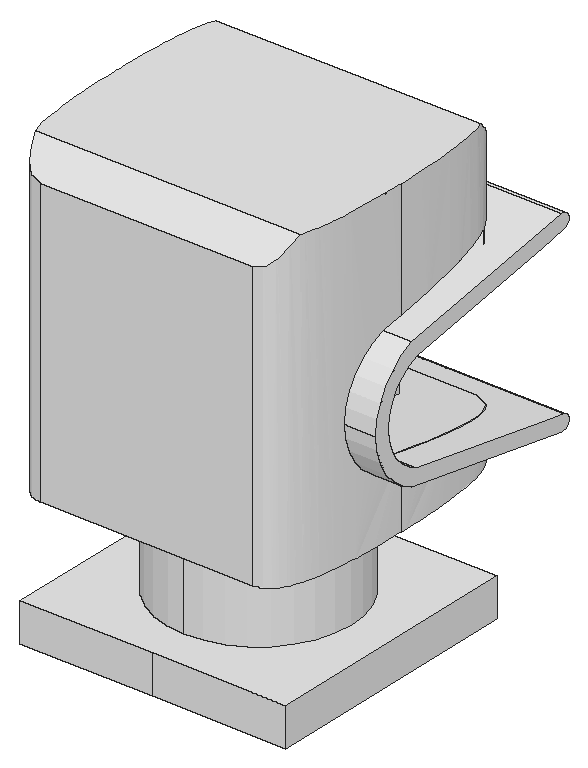
Revit family "DF_ДержательПроводникаКруглого_16_EZETEK", category Соединительные детали воздуховодов, Revit 2017
Family settings
  Размер круглого соединителя = Использовать радиус
  Тип детали = Соединение
  На основе рабочей плоскости = Нет
  Всегда вертикально = Да
  При загрузке вырезать с полостями = Нет
  Общий = Нет
Parameters (values of type "ДержательПроводникаКруглого_16_6-8_70088")
  Угол = 90.00°  # constant formula
  Тип = FA_ДержательПроводникаКруглого_16_EZETEK : ДержательПроводникаКруглого_16_6-8_70088
  СфераОшибки [instance] = if(or(ADSK_Размер_Диаметр < 6 mm, ADSK_Размер_Диаметр > 8 mm), 1 = 1, 1 = 0)  # no
  Предупреждение [instance] = ""
  Описание = "Держатель закрепляет пруток молниезащитной сетки диаметром 6-8 мм на кровле и/или фасаде здания. Расстояние от прутка до основания держателя составляет 16 мм."  # constant formula
  Производитель_Контакты = "ezetek@ezetek.ru"  # constant formula
  built-in parameter 1114242 [instance] = 1 = 0  # (empty or 0)
  Изготовитель = "Ezetek"  # constant formula
  Группа модели = "Держатели"  # constant formula
  URL = "https://ezetek.ru/"
  R_Error [instance] = if(СфераОшибки, 200 mm, 1 mm)  # 1 mm
  ADSK_Этаж [instance] = ""
  ADSK_Размер_Радиус [instance] = 3 mm
  ADSK_Размер_Диаметр [instance] = 2 * ADSK_Размер_Радиус  # 6 mm
  ADSK_Примечание [instance] = "Неспецифицируемое"  # constant formula
  ADSK_Позиция [instance] = "Неспецифицируемое"  # constant formula
  ADSK_Обозначение = "Неспецифицируемое"  # constant formula
  ADSK_Наименование краткое [instance] = "Неспецифицируемое"  # constant formula
  ADSK_Наименование = "Неспецифицируемое"  # constant formula
  ADSK_Материал = BIMLIB_Латунь_EZETEK
  ADSK_Масса_Текст = "Неспецифицируемое"  # constant formula
  ADSK_Масса = 0  # constant formula
  ADSK_Марка = "Неспецифицируемое"  # constant formula
  ADSK_Количество = 0  # constant formula
  ADSK_Код изделия = "Неспецифицируемое"  # constant formula
  ADSK_Завод-изготовитель = "Неспецифицируемое"  # constant formula
  ADSK_Единица измерения = "Неспецифицируемое"  # constant formula
  ADSK_Группирование [instance] = ""
  ADSK_Версия Revit = "2017"  # constant formula
Types (12, lengths in mm): name | Тип
  ДержательПроводникаКруглого_16_6-8_70088 | FA_ДержательПроводникаКруглого_16_EZETEK : ДержательПроводникаКруглого_16_6-8_70088
  ДержательПроводникаКруглого_16_6-8_70078 | FA_ДержательПроводникаКруглого_16_EZETEK : ДержательПроводникаКруглого_16_6-8_70078
  ДержательПроводникаКруглого_16_6-8_70068 | FA_ДержательПроводникаКруглого_16_EZETEK : ДержательПроводникаКруглого_16_6-8_70068
  ДержательПроводникаКруглого_16_6-8_70058 | FA_ДержательПроводникаКруглого_16_EZETEK : ДержательПроводникаКруглого_16_6-8_70058
  ДержательПроводникаКруглого_16_6-8_70048 | FA_ДержательПроводникаКруглого_16_EZETEK : ДержательПроводникаКруглого_16_6-8_70048
  ДержательПроводникаКруглого_16_6-8_70038 | FA_ДержательПроводникаКруглого_16_EZETEK : ДержательПроводникаКруглого_16_6-8_70038
  ДержательПроводникаКруглого_16_6-8_70028 | FA_ДержательПроводникаКруглого_16_EZETEK : ДержательПроводникаКруглого_16_6-8_70028
  ДержательПроводникаКруглого_16_6-8_70018 | FA_ДержательПроводникаКруглого_16_EZETEK : ДержательПроводникаКруглого_16_6-8_70018
  ДержательПроводникаКруглого_16_6-8_91005 | FA_ДержательПроводникаКруглого_16_EZETEK : ДержательПроводникаКруглого_16_6-8_91005
  ДержательПроводникаКруглого_16_6-8_91007 | FA_ДержательПроводникаКруглого_16_EZETEK : ДержательПроводникаКруглого_16_6-8_91007
  ДержательПроводникаКруглого_16_6-8_91002 | FA_ДержательПроводникаКруглого_16_EZETEK : ДержательПроводникаКруглого_16_6-8_91002
  ДержательПроводникаКруглого_16_6-8_91001 | FA_ДержательПроводникаКруглого_16_EZETEK : ДержательПроводникаКруглого_16_6-8_91001
Reference planes
  plane 1 "По центру (Вперед/Назад)": y = 0
  plane 2: z = 0
  plane 3 "По центру (Влево/Вправо)": x = 0
  plane 4 "M": y = 0
  plane 5 "U": z = 0
  plane 6: x = 0
Forms (mm)
  Revolve 1, solid, visible <- "СфераОшибки"
    sketch origin (0, 0, 0) x (1, 0, 0) y (0, 1, 0)
      loop
        arc (1, 0) -> (0, 1) -> (-1, 0) r 1
        line (-1, 0) -> (1, 0)
      axis (1, 0) -> (-1, 0)
    angle from 0 to 360
Lines and regions (mm)
  reference lines
    curve 1: line (1, 0, 0) -> (-1, 0, 0)
Dimensions and locks
  equal spacing: curve 1, plane 6, curve 1
  locked: curve 1 to curve 1 at 2
  locked: plane 5 "U" to plane 2
  "R_Error": radius of Revolve 1 sketch curve
  aligned and locked: level to plane 2
  aligned and locked: curve 1 to plane 5 "U"
  aligned and locked: plane 1 "По центру (Вперед/Назад)" to Revolve 1 sketch curve  (x2)
  aligned and locked: Revolve 1 sketch curve to plane 4 "M"
Automatic sketch dimensions
  plane 1 "По центру (Вперед/Назад)" to curve 1 = 0 mm
  Revolve 1 sketch curve to plane 3 "По центру (Влево/Вправо)" = 0 mm
  Revolve 1 sketch curve to Revolve 1 sketch curve = 42.294 mm
  Revolve 1 sketch curve to Revolve 1 sketch curve = 33.119 mm
Nested families
  nested 1: "FA_ДержательПроводникаКруглого_16_EZETEK" at (0, 0, 0), type <- "Тип", ADSK_Этаж <- "ADSK_Этаж", ADSK_Группирование <- "ADSK_Группирование", type "ДержательПроводникаКруглого_16_6-8_70088", detail levels fine
    with ADSK_Этаж "", ADSK_Примечание "", ADSK_Позиция "", ADSK_Наименование краткое "Зажим заземления", ADSK_Группирование ""
Connectors
  hvac at (1, 0, 0), driven by "ADSK_Размер_Радиус"
    settings: on curve 1, index 1, duct flow 0.0 L/s, flow factor 0, pres drop 0.0 Pa, loss coef 0, conn angle 0.00°, conn width 25 mm, conn height 3 mm, conn diameter 6 mm, duct sys type 1, conn prof type 0, flow config 0, flow direction 0, loss method 0, conn ref index 2, conn util no, is conn primary yes, conn desc ""
  hvac at (-1, 0, 0), driven by "ADSK_Размер_Радиус"
    settings: on curve 1, index 2, duct flow 0.0 L/s, flow factor 0, pres drop 0.0 Pa, loss coef 0, conn angle 0.00°, conn width 25 mm, conn height 3 mm, conn diameter 6 mm, duct sys type 1, conn prof type 0, flow config 0, flow direction 0, loss method 0, conn ref index 1, conn util no, is conn primary no, conn desc ""
Definition of nested family "FA_ДержательПроводникаКруглого_16_EZETEK"
  Parameters (values of type "ДержательПроводникаКруглого_6-8_70018")
    Производитель_Контакты = "ezetek@ezetek.ru"  # constant formula
    Description = "При монтаже стержни заземления соприкасаются друг с другом в центре муфты, благодаря чему ударный импульс не «рассеивается» и с муфты снимается механическая нагрузка."  # constant formula
    Manufacturer = "Ezetek"  # constant formula
    Model = "Держатели"  # constant formula
    URL = "https://ezetek.ru/"
    ADSK_Этаж [instance] = ""
    ADSK_Примечание [instance] = ""
    ADSK_Позиция [instance] = ""
    ADSK_Обозначение = "70018"
    ADSK_Наименование краткое [instance] = "Держатель проводника круглого"
    ADSK_Наименование = "Держатель проводника круглого 6-8 мм коричневый, высота 16 мм, пластик с дюбелем 38 мм"
    ADSK_Материал = none
    ADSK_Масса_Текст = "0.01"
    ADSK_Масса = 0.01
    ADSK_Марка = "70018"
    ADSK_Количество = 1  # constant formula
    ADSK_Код изделия = "70018"
    ADSK_Завод-изготовитель = "Ezetek"  # constant formula
    ADSK_Единица измерения = "шт."  # constant formula
    ADSK_Группирование [instance] = ""
    ADSK_Версия Revit = "2017"  # constant formula
  Types (12, lengths in mm): name | ADSK_Обозначение | ADSK_Наименование | ADSK_Марка | ADSK_Код изделия
    ДержательПроводникаКруглого_6-8_70088 | "70088" | "Держатель проводника круглого 6-8 мм белый, высота 16 мм, пластик с дюбелем 52 мм" | "70088" | "70088"
    ДержательПроводникаКруглого_6-8_70078 | "70078" | "Держатель проводника круглого 6-8 мм белый, высота 16 мм, пластик с дюбелем 38 мм" | "70078" | "70078"
    ДержательПроводникаКруглого_6-8_70068 | "70068" | "Держатель проводника круглого 6-8 мм белый, высота 16 мм, пластик" | "70068" | "70068"
    ДержательПроводникаКруглого_6-8_70058 | "70058" | "Держатель проводника круглого 6-8 мм прозрачный, высота 16 мм, пластик с дюбелем 52 мм" | "70058" | "70058"
    ДержательПроводникаКруглого_6-8_70048 | "70048" | "Держатель проводника круглого 6-8 мм серый, высота 16 мм, пластик с дюбелем 52 мм" | "70048" | "70048"
    ДержательПроводникаКруглого_6-8_70038 | "70038" | "Держатель проводника круглого 6-8 мм серый, высота 16 мм, пластик с дюбелем 38 мм" | "70038" | "70038"
    ДержательПроводникаКруглого_6-8_70028 | "70028" | "Держатель проводника круглого 6-8 мм коричневый, высота 16 мм, пластик с дюбелем 52 мм" | "70028" | "70028"
    ДержательПроводникаКруглого_6-8_70018 | "70018" | "Держатель проводника круглого 6-8 мм коричневый, высота 16 мм, пластик с дюбелем 38 мм" | "70018" | "70018"
    ДержательПроводникаКруглого_6-8_91002 | "91002" | "Держатель проводника круглого 6-8 мм серый, высота 16 мм, пластик" | "91002" | "91002"
    ДержательПроводникаКруглого_6-8_91007 | "91007" | "Держатель проводника круглого 6-8 мм белый, высота 16 мм, пластик" | "91007" | "91007"
    ДержательПроводникаКруглого_6-8_91005 | "91005" | "Держатель проводника круглого 6-8 мм прозрачный, высота 16 мм, пластик" | "91005" | "91005"
    ДержательПроводникаКруглого_6-8_91001 | "91001" | "Держатель проводника круглого 6-8 мм коричневый, высота 16 мм, пластик" | "91001" | "91001"
  Reference planes
    plane 1 "По центру (Вперед/Назад)": y = 0
    plane 2: z = 0
    plane 3 "По центру (Влево/Вправо)": x = 0
    plane 4: x = -13
    plane 5: x = 13
    plane 6: z = -20
    plane 7: z = 14
    plane 8: y = 12.5
    plane 9: y = -12.5
    plane 10: y = 7
    plane 11: x = 5
    plane 12: x = -5
    plane 13: z = 12
  Forms (mm)
    Revolve 1, solid, material <- "ADSK_Материал", detail levels fine
      sketch origin (0, 0, 0) x (0, 1, 0) y (0, 0, 1)
        loop
          line (7, 12.456) -> (0, 12.456) -> (0, -17.101) -> (7, -17.101) -> (7, 12.456)
        axis (0, 12.456) -> (0, -17.101)
      angle from 0 to 360
    Extrusion 2, solid, material <- "ADSK_Материал", detail levels fine
      sketch origin (0, 0, 0) x (1, 0, 0) y (0, 1, 0)
        loop
          spline (-8, 10.5) -> (-8.814, 10.284) -> (-9.438, 9.692) -> (-9.901, 8.811) -> (-10.231, 7.724) -> (-10.455, 6.518) -> (-10.602, 5.278) -> (-10.699, 4.085) -> (-10.761, 2.986) -> (-10.796, 2.005) -> (-10.811, 1.165) -> (-10.814, 0.489) -> (-10.813, 0)
          spline (-10.813, 0) -> (-10.814, -0.489) -> (-10.811, -1.165) -> (-10.796, -2.005) -> (-10.761, -2.986) -> (-10.699, -4.085) -> (-10.602, -5.278) -> (-10.455, -6.518) -> (-10.231, -7.724) -> (-9.901, -8.811) -> (-9.438, -9.692) -> (-8.814, -10.284) -> (-8, -10.5)
          line (-8, -10.5) -> (7.951, -10.5)
          spline (7.951, -10.5) -> (8.765, -10.284) -> (9.389, -9.692) -> (9.852, -8.811) -> (10.182, -7.724) -> (10.406, -6.518) -> (10.553, -5.278) -> (10.65, -4.085) -> (10.712, -2.986) -> (10.747, -2.005) -> (10.762, -1.165) -> (10.765, -0.489) -> (10.764, 0)
          spline (10.764, 0) -> (10.765, 0.489) -> (10.762, 1.165) -> (10.747, 2.005) -> (10.712, 2.986) -> (10.65, 4.085) -> (10.553, 5.278) -> (10.406, 6.518) -> (10.182, 7.724) -> (9.852, 8.811) -> (9.389, 9.692) -> (8.765, 10.284) -> (7.951, 10.5)
          line (7.951, 10.5) -> (-8, 10.5)
      from 14 to -9.483
    Extrusion 3, solid, material <- "ADSK_Материал", detail levels fine
      sketch origin (0, 0, 0) x (1, 0, 0) y (0, 1, 0)
        loop
          line (0, 9.955) -> (-10.01, 9.955) -> (-10.01, -9.955) -> (0, -9.955) -> (10.01, -9.955) -> (10.01, 9.955) -> (0, 9.955)
      from -17.101 to -20
    Extrusion 4, solid, material <- "ADSK_Материал", detail levels fine
      sketch origin (0, 0, 0) x (0, 1, 0) y (0, 0, 1)
        loop
          arc (-1.377, -3.782) -> (-3.297, -2.308) -> (-4.025, 0) r 4.025
          arc (-4.025, 0) -> (-3.297, 2.308) -> (-1.377, 3.782) r 4.025
          line (-1.377, 3.782) -> (12.5, 6.229)
          arc (12.5, 6.229) -> (12.959, 6.885) -> (12.303, 7.344) r 0.566
          line (12.303, 7.344) -> (-1.77, 4.863)
          arc (-1.77, 4.863) -> (-4.239, 2.968) -> (-5.175, 0) r 5.175
          arc (-5.175, 0) -> (-4.239, -2.968) -> (-1.77, -4.863) r 5.175
          line (-1.77, -4.863) -> (12.303, -7.344)
          arc (12.303, -7.344) -> (12.959, -6.885) -> (12.5, -6.229) r 0.566
          line (12.5, -6.229) -> (-1.377, -3.782)
      from 13 to -13
    Extrusion 5, void
      sketch origin (0, 0, 0) x (0, 1, 0) y (0, 0, 1)
        loop
          arc (-1.377, 3.782) -> (-3.297, 2.308) -> (-4.025, 0) r 4.025
          arc (-4.025, 0) -> (-3.297, -2.308) -> (-1.377, -3.782) r 4.025
          line (-1.377, -3.782) -> (10.5, -5.876) -> (10.5, 5.876) -> (-1.377, 3.782)
      from 13 to -13
    Extrusion 6, solid, material <- "ADSK_Материал", detail levels fine
      sketch origin (0, 0, 0) x (0, 1, 0) y (0, 0, 1)
        loop
          line (7, 5.259) -> (5.562, 5.005) -> (5.562, -5.005) -> (7, -5.259) -> (7, 5.259)
      from 5 to -5
    Extrusion 7, void
      sketch origin (0, 0, 0) x (0, 1, 0) y (0, 0, 1)
        loop
          line (10.5, 14) -> (8.5, 14) -> (10.5, 12) -> (10.5, 14)
        loop
          line (-10.5, 14) -> (-10.5, 12) -> (-8.5, 14) -> (-10.5, 14)
      from 13 to -13
  Cuts and joins
    Extrusion 5 cuts Revolve 1
    Extrusion 5, Extrusion 7 cuts Extrusion 2
    Extrusion 5 cuts Extrusion 4
  Dimensions and locks
    locked: plane 4 to plane 3 "По центру (Влево/Вправо)" at 13
    locked: plane 5 to plane 3 "По центру (Влево/Вправо)" at 13
    locked: plane 2 to plane 6 at 20
    locked: plane 7 to plane 6 at 34
    locked: plane 8 to plane 1 "По центру (Вперед/Назад)" at 12.5
    locked: plane 9 to plane 1 "По центру (Вперед/Назад)" at 12.5
    plane 10 to plane 1 "По центру (Вперед/Назад)" = 7 mm
    Extrusion 5 to plane 1 "По центру (Вперед/Назад)" = 10.5 mm
    locked: plane 3 "По центру (Влево/Вправо)" to plane 11 at 5
    locked: plane 3 "По центру (Влево/Вправо)" to plane 12 at 5
    locked: plane 7 to plane 13 at 2
    aligned and locked: level to plane 2
    aligned and locked: plane 7 to Extrusion 2
    aligned and locked: Extrusion 3 to plane 6
    aligned and locked: plane 5 to Extrusion 4
    aligned and locked: plane 4 to Extrusion 4
    aligned and locked: plane 5 to Extrusion 5
    aligned and locked: plane 4 to Extrusion 5
    aligned and locked: Extrusion 6 to plane 12
    aligned and locked: Extrusion 6 to plane 11
    aligned and locked: plane 5 to Extrusion 7
    aligned and locked: plane 4 to Extrusion 7
    aligned and locked: Extrusion 3 to cut or joined group of Revolve 1, Extrusion 5
